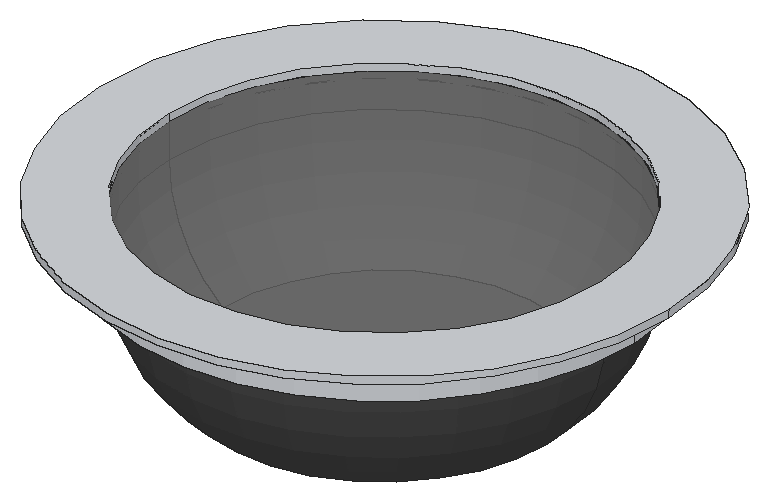
Revit family "3031831 Lighting Fixture_Sylvania_Syl-Lighter II_Ceiling Recessed", category Lighting Fixtures, host Face, Revit 2017
Family settings
  Host = Face
  Round Connector Dimension = Use Diameter
  Part Type = Normal
  OmniClass Number = 23.80.70.11.17
  OmniClass Title = Specialized Lighting by Location or Use
  Cut with Voids When Loaded = No
  Light Source = Yes
  Shared = No
  Room Calculation Point = No
Parameters (values of type "Syl-Lighter LED II 165 RO 12W NW 1-10V")
  Weight = 0.45 kg
  Wattage = 11.494 W
  built-in parameter 1150110 = 1 (stored number, unit not read)
  Voltage Comments = "UNV (Universal Voltage; 220-240 Volt)"  # constant formula
  Voltage = 240 V  # constant formula
  URL = "http://www.sylvania-lighting.com"
  built-in parameter 1114217 = 1 (stored number, unit not read)
  Tilt Angle = -90.00°  # constant formula
  built-in parameter 1150109 = 1 (stored number, unit not read)
  built-in parameter 1150134 = 12
  Ta Rating = "-10°C to +40°C"  # constant formula
  built-in parameter 1150113 = 1 (stored number, unit not read)
  Recessed Depth = Height  # 45.0 mm
  IP Rating = "IP44"  # constant formula
  IK Rating = "IK07"  # constant formula
  Energy Class = "A++, A+, A"  # constant formula
  Dimmable = "DALI"  # constant formula
  Catalog Number = "3031831 Syl-Lighter LED II 165 RO 12W NW 1-10V"
  Body Material = Metal_Sylvania_Syl-Lighter LED II_Silver
  Product Page URL = "http://www.sylvania-lighting.com/product/en-int/products/3031831"
  Product Family = "SYL-LIGHTER LED II"  # constant formula
  Photometry Comments = ""
  Photometric Web File = "3031831_Syl-LighterLEDII165RO12WNW1-10V-187541.ies"
  built-in parameter 1150105 = 634.92 (stored number, unit not read)
  Lumens = 1134 lm
  built-in parameter 1150115 = 1 (stored number, unit not read)
  built-in parameter 1150137 = (empty or 0)
  built-in parameter 1150139 = (empty or 0)
  Life = "50 000h"  # constant formula
  built-in parameter 1150112 = 1 (stored number, unit not read)
  built-in parameter 1150114 = 1 (stored number, unit not read)
  Lamp Comments = "Integrated LED"
  built-in parameter 1150132 = 2
  built-in parameter 1150102 = (empty or 0)
  built-in parameter 1150107 = 4000 (stored number, unit not read)
  built-in parameter 1150138 = (empty or 0)
  built-in parameter 1150106 = 6.3492 (stored number, unit not read)
  Glow Wire Test = 650 °C  # constant formula
  Emit from Circle Diameter = Diffuser Diameter  # 125.0 mm
  Emit Shape Visible in Rendering = no
  built-in parameter 1150104 = 9.1658 (stored number, unit not read)
  Drive Current = "300mA"
  Dimming Lamp Color Temperature Shift = <None>
  Diffuser Radius = Diffuser Diameter / 2  # 62.5 mm
  Diffuser Diameter = Diameter - 20.0 mm  # 125.0 mm
  Inner Diameter = Diameter - 4.0 mm  # 141.0 mm
  Cutout Diameter = Diameter  # 145.0 mm
  Color Filter = 16777215
  Beam Angle = 74.00°
  built-in parameter 1114218 = 1 (stored number, unit not read)
  built-in parameter 1150133 = 10 (stored number, unit not read)
  Height = 45.0 mm
  Electrical Protection = "CLASS II"  # constant formula
  built-in parameter 1114216 [instance] = 1 (stored number, unit not read)
  Model = "Syl-Lighter LED II 165 RO 12W NW 1-10V"
  Manufacturer = "Feilo Sylvania"  # constant formula
  Lamp = "LED"
  Diffuser Material = Polycarbonate_Sylvania_Syl-Lighter LED II_Opal
  Description = "Syl-Lighter LED II is available in 4 different round body sizes: 165mm, 195mm, 220mm & 240mm Syl-Lighter LED II 165 12W delivers a 1,134 lumen output (4,000K) - perfect for 1x26W CFL replacement Syl-Lighter LED II 195 15W delivers a 1,480 lumen output (4,000K) - perfect for 1x32W/2x18W CFL replacement Syl-Lighter LED II 220 21W delivers a 1,989 lumen output (4,000K) - perfect for 1x42W CFL replacement Syl-Lighter LED II 240 25W delivers a 2,289 lumen output (4,000K)- perfect for 2x26W CFL replacement High efficacy up to 99lm/W (Syl-Lighter LED II 195 4,000K) IP44 rating allows for installation in applicable wet zone areas Choice of 3,000K (warm white) or 4,000K (neutral white) Shallow recess depth of <65mm Can replace existing large CFL downlights using a 225mm ceiling cut out (Syl-Lighter LED II 240) Energy efficient electronic gear including analogue 1-10V and DALI dimmable options IK07 polycarbonate diffuser allows for a wider light distribution than a reflector downlight, allowing for increased spacings between luminaires 3 hour emergency pack available (to be ordered in addition to the luminaire) Ideal for applications such as corridors, public WCs and back of house areas Quick and easy to install Loop in-Loop out facility with red push fit terminal block for quick wiring White bezel (RAL 9003) Energy Class: A++, A+, A Long lifetime: 50,000 hours life at L70 (L80: 30,000 hours, L90: 15,000 hours)"  # constant formula
  Default Elevation = 0.0 mm
  built-in parameter 1140040 [instance] = 1
  Assembly Code = "D5020200"
  Apparent Load Comments = ""
  Apparent Load = 12 VA
  Accessory Radius = Accessory Diameter / 2  # 82.5 mm
  Accessory Material = Aluminum_Sylvania_Syl-Lighter LED II_White_RAL 9003
  Diameter = 145.0 mm
  Accessory Diameter = 165.0 mm
Reference planes
  plane 1 "Center (Front/Back)": y = 0
  plane 2: z = 0
  plane 3 "Center (Left/Right)": x = 0
  plane 4 "Fixture Bottom": z = 2
  plane 5: z = -10
  plane 6 "Fixture Top": z = -45
  plane 7: z = -2
Forms (mm)
  Extrusion 1, void
    sketch origin (0, 0, 58) x (-1, 0, 0) y (0, -1, 0)
      loop
        circle (0, 0) r 72.5
    from -171 to -55
  Extrusion 2, solid, detail levels fine
    sketch origin (0, 0, 58) x (-1, 0, 0) y (0, -1, 0)
      loop
        circle (0, 0) r 72.5
      loop
        circle (0, 0) r 70.5
    from -68 to -58
  Extrusion 3, solid, detail levels fine
    sketch origin (0, 0, 58) x (-1, 0, 0) y (0, -1, 0)
      loop
        circle (0, 0) r 82.5
      loop
        circle (0, 0) r 62.5
    from -58 to -56
  Extrusion 4, solid, material "Polycarbonate_Sylvania_Syl-Lighter LED II_Opal" <- "Diffuser Material", detail levels fine
    sketch origin (0, 0, 58) x (-1, 0, 0) y (0, -1, 0)
      loop
        circle (0, 0) r 62.5
    from -60 to -58
  Revolve 5, solid, material "Metal_Sylvania_Syl-Lighter LED II_Silver" <- "Body Material", detail levels fine
    sketch origin (0, 0, 0) x (1, 0, 0) y (0, 0, 1)
      loop
        line (-62.5, 0) -> (-64.5, 0) -> (-64.5, -10)
        arc (-64.5, -10) -> (-60.025, -29.455) -> (-47.5, -45) r 44.529
        line (-47.5, -45) -> (0, -45) -> (0, -43) -> (-46.799, -43)
        arc (-46.799, -43) -> (-58.375, -28.272) -> (-62.5, -10) r 42.529
        line (-62.5, -10) -> (-62.5, 0)
      axis (0, -45) -> (0, 0)
    angle from 0 to 360
  Revolve 6, solid, material "Aluminum_Sylvania_Syl-Lighter LED II_White_RAL 9003" <- "Accessory Material", detail levels coarse+medium
    sketch origin (0, 0, 0) x (1, 0, 0) y (0, 0, 1)
      loop
        line (-82.5, 2) -> (-82.5, 0) -> (-75, 0) -> (-75, -10) -> (-67, -10)
        arc (-67, -10) -> (-62.525, -29.455) -> (-50, -45) r 44.529
        line (-50, -45) -> (0, -45) -> (0, 2) -> (-82.5, 2)
      axis (0, 2) -> (0, -45)
    angle from 0 to 360
Cuts and joins
  joined: Extrusion 2, Extrusion 3
Lines and regions (mm)
  Masking region 1
    outline origin (0, 0, 58) x (-1, 0, 0) y (0, -1, 0)
      loop
        circle (0, 0) r 82.5
  symbolic lines, detail levels fine
    curve 1: arc (-62.5, 0, 58) -> (0, 62.5, 58) -> (62.5, 0, 58) r 62.5
    curve 2: arc (62.5, 0, 58) -> (0, -62.5, 58) -> (-62.5, 0, 58) r 62.5
Dimensions and locks
  locked: plane 4 "Fixture Bottom" to plane 2 at 2
  locked: plane 2 to plane 5 at 10
  "Height": plane 2 to plane 6 "Fixture Top"
  locked: plane 2 to plane 7 at 2
  "Diffuser Radius": plane 3 "Center (Left/Right)" to Revolve 5 sketch curve
  locked: Revolve 5 sketch curve to Revolve 5 sketch curve at 2
  locked: Revolve 5 sketch curve to Revolve 5 sketch curve at 15
  "Accessory Radius": plane 3 "Center (Left/Right)" to Revolve 6 sketch curve
  Revolve 6 sketch curve to Revolve 6 sketch curve to Revolve 6 sketch curve to Revolve 6 sketch curve = 7.5 mm locked, 8.0 mm locked, 17.0 mm locked
  "Cutout Diameter": diameter of Extrusion 1 sketch curve
  "Diameter": diameter of Extrusion 2 sketch curve
  "Inner Diameter": diameter of Extrusion 2 sketch curve
  "Accessory Diameter": diameter of Extrusion 3 sketch curve
  "Diffuser Diameter": diameter of Extrusion 3 sketch curve
  "Diffuser Diameter": diameter of Extrusion 4 sketch curve
  "Accessory Diameter": diameter of Masking region 1 sketch curve
  aligned and locked: host face to plane 2
  aligned and locked: host face to level
  aligned and locked: plane 4 "Fixture Bottom" to Extrusion 3
  aligned and locked: Extrusion 3 to plane 2
  aligned and locked: Extrusion 2 to plane 5
  aligned and locked: plane 2 to Extrusion 2
  aligned and locked: Extrusion 4 to plane 7
  aligned and locked: plane 2 to Extrusion 4
  aligned and locked: Revolve 5 sketch curve to plane 2
  aligned and locked: plane 5 to Revolve 5 sketch curve  (x2)
  aligned and locked: Revolve 5 sketch curve to plane 3 "Center (Left/Right)"
  aligned and locked: plane 3 "Center (Left/Right)" to Revolve 5 sketch curve
  aligned and locked: Revolve 6 sketch curve to plane 5
  aligned and locked: Revolve 6 sketch curve to plane 2
  aligned and locked: Revolve 6 sketch curve to plane 4 "Fixture Bottom"
  aligned and locked: plane 3 "Center (Left/Right)" to Revolve 6 sketch curve
  aligned and locked: Revolve 6 sketch curve to plane 3 "Center (Left/Right)"
  aligned and locked: plane 3 "Center (Left/Right)" to imposter light
  aligned and locked: imposter light to plane 1 "Center (Front/Back)"
  aligned and locked: imposter light to plane 4 "Fixture Bottom"
  aligned and locked: curve 1 to cut or joined group of Extrusion 2, Extrusion 3
Automatic sketch dimensions
  host sketch curve to host sketch curve = 700.0 mm
  host sketch curve to host sketch curve = 620.0 mm
  plane 1 "Center (Front/Back)" to Extrusion 1 sketch curve = 0.0 mm
  Extrusion 1 sketch curve to plane 3 "Center (Left/Right)" = 0.0 mm
  Extrusion 2 sketch curve to Extrusion 2 sketch curve = 0.0 mm  (x2)
  plane 1 "Center (Front/Back)" to Extrusion 2 sketch curve = 0.0 mm
  Extrusion 2 sketch curve to plane 3 "Center (Left/Right)" = 0.0 mm
  Extrusion 3 sketch curve to Extrusion 3 sketch curve = 0.0 mm  (x2)
  plane 1 "Center (Front/Back)" to Extrusion 3 sketch curve = 0.0 mm
  Extrusion 3 sketch curve to plane 3 "Center (Left/Right)" = 0.0 mm
  plane 1 "Center (Front/Back)" to Extrusion 4 sketch curve = 0.0 mm
  Extrusion 4 sketch curve to plane 3 "Center (Left/Right)" = 0.0 mm
  Revolve 5 sketch curve to Revolve 5 sketch curve = 0.0 mm
  Revolve 5 sketch curve to plane 6 "Fixture Top" = 0.0 mm
  plane 6 "Fixture Top" to Revolve 5 sketch curve = 2.0 mm
  Revolve 5 sketch curve to Revolve 5 sketch curve = 17.111 mm
  plane 4 "Fixture Bottom" to Revolve 5 sketch curve = 20.889 mm
  Revolve 6 sketch curve to plane 6 "Fixture Top" = 0.0 mm
  Revolve 6 sketch curve to plane 6 "Fixture Top" = 63.885 mm
  Revolve 6 sketch curve to Revolve 6 sketch curve = 84.115 mm
  plane 1 "Center (Front/Back)" to Masking region 1 sketch curve = 0.0 mm
  Masking region 1 sketch curve to plane 3 "Center (Left/Right)" = 0.0 mm
Connectors
  electrical at (0, 0, -45), driven by "Apparent Load", driven by "Voltage"
    settings: on Revolve 5, index 1, voltage 240 V, apparent load 0 VA, apparent load phase1 12 VA, apparent load phase2 0 VA, apparent load phase3 0 VA, power factor 1, load classification "Lighting", number of poles 1, system type 31, power factor state 1, is connector primary yes, connector utility no, sub classification motor no, connector description ""
